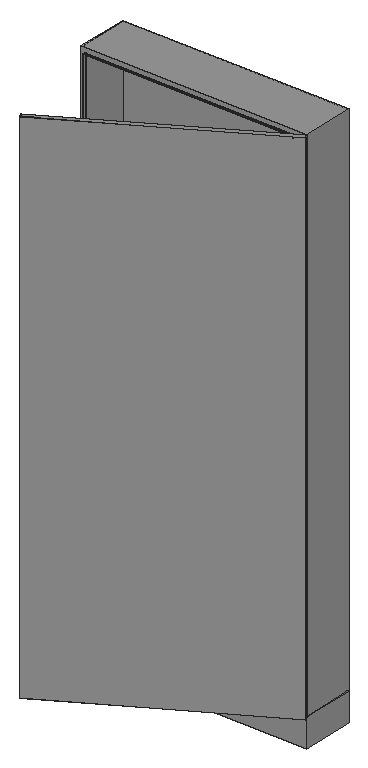
Revit family "Hager-Univers-IP44-D205-H1950-Cl.II-Encl-NoHosted-PT-pt", category Electrical Equipment, Revit 2020
Family settings
  Panel Configuration = Two Columns, Circuits Across
  Round Connector Dimension = Use Diameter
  Part Type = Panelboard
  Work Plane-Based = Yes
  Always vertical = Yes
  Cut with Voids When Loaded = No
  Shared = No
  Room Calculation Point = No
Parameters (values of type "Instalação de piso IP44 L800 A1950 P205  - FP23SN2")
  Width Control [instance] = if([EF000008 - Largura] > Min Width, [EF000008 - Largura], Min Width)  # 800 mm
  Type Comments = [HG000003 - Gama]  # "Univers"
  Thickness Door [instance] = if([EF009171 - Espessura do material da porta/tampa] > 3 mm, 3 mm, [EF009171 - Espessura do material da porta/tampa])  # 1 mm
  Seal Frame Offset [instance] = 17 mm  # constant formula
  Plinth Visibility [instance] = [HG000027 - Altura da Plinta] > 0 mm  # yes
  Min Width [instance] = 100 mm  # constant formula
  Min Depth [instance] = (2 * [EF009170 - Espessura do material do invólucro]) + 1 mm  # 3 mm
  Min Height [instance] = 100 mm  # constant formula
  Internal Frame Depth [instance] = (Door System Depth * 0.5)  # 9 mm
  Panel Name [instance] = ""  # (empty or 0)
  Model = ""
  HG000027 - Altura da Plinta = 100 mm
  HG000026 - Instalação no chão = yes
  HG000024 - Altura da secção inferior = 600 mm
  HG000023 - Recinto de secção dupla = no
  HG000016 - Visibilidade da porta 3D [instance] = yes
  HG000015 - Visibilidade através da porta [instance] = no
  HG000014 - Porta à direita [instance] = yes
  HG000013 - Porta à esquerda [instance] = not([HG000014 - Porta à direita])  # no
  HG000012 - Ângulo de abertura de porta [instance] = 30.00°
  HG000010 - Portas assimétricas = no
  HG000009 - Porta dupla = no
  HG000006 - Encastrado = no
  HG000004 - Referência do Fabricante = "FP23SN2"
  HG000003 - Gama = "Univers"
  HG000002 - Com porta ou tampa = yes
  Frame Offset Bottom [instance] = 10 mm  # constant formula
  Frame Offset [instance] = 15 mm  # constant formula
  EF015940 - Tampa com libertação de sobrepressão = no
  EF011959 - Grau de proteção (NEMA) = ""
  EF009554 - Número de aberturas para placas de flange = 6
  EF009212 - Tipo de tampa = "EV000116 - Fechado"
  EF009171 - Espessura do material da porta/tampa = 1 mm
  EF009170 - Espessura do material do invólucro = 1 mm
  EF008873 - Corrente nominal (In) = 400 A
  EF007800 - Adequado para proteção contra raios = no
  EF006306 - Com fecho = no
  EF006244 - Tampa/porta transparente = no
  EF005474 - Grau de proteção (IP) = "EV006418 - IP44"
  EF004464 - Tipo de porta = "EV002646 - Único"
  EF004427 - Número de módulos = 432
  EF004293 - Força de impacto = "EV006815 - IK09"
  EF003532 - Adequado para uso no exterior = no
  EF002950 - Largura em número de módulos = 36
  EF001613 - Integridade do circuito = "EV000494 - Nenhum"
  EF001596 - Material do corpo = "EV000179 - Aço"
  EF001131 - Profundidade interior = 143 mm
  EF001088 - Extensão possível = yes
  EF000437 - Número de entradas de condutores = 6
  EF000339 - Tipo de difusor = "EV001012 - Tampa"
  EF000266 - Número de linhas = 12
  EF000218 - Profundidade incorporada = 0 mm
  EF000118 - Com tampa de montagem = no
  EF000116 - Número RAL = "9010"
  EF000049 - Profundidade = 205 mm
  EF000040 - Altura = 1950 mm
  EF000008 - Largura = 800 mm
  EF000007 - Cor = "EV000202 - Branco"
  EF000003 - Método de montagem = "EV012274 - Instalação de piso"
  Door System Leaf Tolerance [instance] = 1.5 mm  # constant formula
  Door System Depth [instance] = 18 mm  # constant formula
  Door Height [instance] = Height Control - [HG000027 - Altura da Plinta]  # 1850 mm
  Description = ""
  Default Elevation = 1219.2 mm
  Connector Offset [instance] = Height Control / 2  # 975 mm
  Manufacturer = "Hager"  # constant formula
  Height Control [instance] = if([EF000040 - Altura] > Min Height, [EF000040 - Altura], Min Height)  # 1950 mm
  Depth Control [instance] = if([EF000049 - Profundidade] > Min Depth, [EF000049 - Profundidade], Min Depth)  # 205 mm
  Bottom Top Plate Trim [instance] = 1.5 mm  # constant formula
  Plinth height Ctrl [instance] = if([HG000027 - Altura da Plinta] > 0 mm, [HG000027 - Altura da Plinta], 12 mm)  # 100 mm
Types (5, lengths in mm): name | Width Control | HG000010 - Portas assimétricas | HG000009 - Porta dupla | HG000004 - Referência do Fabricante | EF009554 - Número de aberturas para placas de flange | EF008873 - Corrente nominal (In) | EF004464 - Tipo de porta | EF004427 - Número de módulos | EF002950 - Largura em número de módulos | EF000437 - Número de entradas de condutores | EF000008 - Largura
  Instalação de piso IP44 L1050 A1950 P205  - FP24SN2 | 1050 | no | yes | "FP24SN2" | 8 | 400 A | "EV003602 - Duplo" | 576 | 48 | 8 | 1050
  Instalação de piso IP44 L1300 A1950 P205  - FP25SN2 | 1300 | yes | yes | "FP25SN2" | 10 | 400 A | "EV003602 - Duplo" | 720 | 60 | 10 | 1300
  Instalação de piso IP44 L300 A1950 P205  - FP21SN2 | 300 | no | no | "FP21SN2" | 2 | 250 A | "EV002646 - Único" | 144 | 12 | 2 | 300
  Instalação de piso IP44 L550 A1950 P205  - FP22SN2 | 550 | no | no | "FP22SN2" | 4 | 400 A | "EV002646 - Único" | 288 | 24 | 4 | 550
  Instalação de piso IP44 L800 A1950 P205  - FP23SN2 | 800 | no | no | "FP23SN2" | 6 | 400 A | "EV002646 - Único" | 432 | 36 | 6 | 800
Reference planes
  plane 1 "Center (Front/Back)": y = 0
  plane 2: z = 0
  plane 3 "Center (Left/Right)": x = 0
  plane 4: y = 0
  plane 5: y = 0
  plane 6: z = 0
  plane 7: x = -400
  plane 8: x = 400
  plane 9: x = 399
  plane 10: x = -399
  plane 11: z = 100
  plane 12: z = 101
  plane 13: y = -205
  plane 14: y = -1
  plane 15: x = 0
  plane 16: y = -187
  plane 17: y = -204
  plane 18: y = -186
  plane 19: x = -384
  plane 20: x = 384
  plane 21: z = 111
  plane 22: x = -383
  plane 23: x = 383
  plane 24: z = 100
  plane 25: z = 1950
  plane 26: z = 1950
  plane 27: z = 1934
  plane 28: z = 1949
Forms (mm)
  Extrusion 1, solid, material "Hager_Steel_RAL7035_Light_Grey", detail levels medium+fine
    sketch origin (-208.679, -4572, 100) x (-1, 0, 0) y (0, -1, 0)
      loop
        line (191.321, -4385) -> (-608.679, -4385) -> (-608.679, -4572) -> (191.321, -4572) -> (191.321, -4385)
    from 0 to 1850
  Extrusion 2, void
    sketch origin (-350.771, -205, 1219.2) x (1, 0, 0) y (0, 0, 1)
      loop
        line (-48.229, 729.8) -> (-48.229, -1118.2) -> (749.771, -1118.2) -> (749.771, 729.8) -> (-48.229, 729.8)
    from -19 to -204
  Extrusion 3, void
    sketch origin (-290.084, -187, 1219.2) x (1, 0, 0) y (0, 0, 1)
      loop
        line (-93.916, -1108.2) -> (674.084, -1108.2) -> (674.084, 714.8) -> (-93.916, 714.8) -> (-93.916, -1108.2)
    from 0 to -1
  Extrusion 4, solid, material "Hager_Steel_RAL7035_Light_Grey", visible <- "Plinth Visibility", detail levels medium+fine
    sketch origin (0, 0, 0) x (1, 0, 0) y (0, 1, 0)
      loop
        line (-400, 0) -> (-400, -187) -> (400, -187) -> (400, 0) -> (-400, 0)
    from 0 to 100 <- "Plinth height Ctrl"
  Extrusion 5, solid, material "Hager_Steel_RAL7035_Light_Grey", detail levels coarse
    sketch origin (0, 0, 0) x (1, 0, 0) y (0, 1, 0)
      loop
        line (-400, 0) -> (-400, -205) -> (400, -205) -> (400, 0) -> (-400, 0)
    from 0 to 1950 <- "Height Control"
  Sweep 6, void
    path in 3D
      loop
        line (-400, -187, 100) -> (400, -187, 100) -> (400, 0, 100) -> (-400, 0, 100) -> (-400, -187, 100)
    profile origin (-400, -93.5, 100) x (1, 0, 0) y (0, 0, 1)
      loop
        line (0, 0) -> (0, -1.5) -> (1.5, -1.5)
        arc (1.5, -1.5) -> (1.061, -0.439) -> (0, 0) r 1.5
  Extrusion 7, solid, material "Hager_Steel_RAL7035_Light_Grey", detail levels fine
    sketch origin (-400, -187, 100) x (1, 0, 0) y (0, 0, 1)
      loop
        line (16, 11) -> (784, 11) -> (784, 1834) -> (16, 1834) -> (16, 11)
      loop
        line (15, 10) -> (785, 10) -> (785, 1835) -> (15, 1835) -> (15, 10)
    from 0 to 9 <- "Internal Frame Depth"
Cuts and joins
  Extrusion 2, Extrusion 3 cuts Extrusion 1
  Sweep 6 cuts Extrusion 4
Lines and regions (mm)
  Masking region 1
    outline origin (0, 0, 0) x (1, 0, 0) y (0, 1, 0)
      loop
        line (-400, 0) -> (-400, -205) -> (400, -205) -> (400, 0) -> (-400, 0)
  Masking region 2, detail levels coarse
    outline origin (-290.084, -187, 1219.2) x (-1, 0, 0) y (0, 0, 1)
      loop
        line (-690.084, -1219.2) -> (109.916, -1219.2) -> (109.916, 730.8) -> (-690.084, 730.8) -> (-690.084, -1219.2)
  Masking region 3, detail levels coarse
    outline origin (0, 0, 0) x (0, 1, 0) y (0, 0, 1)
      loop
        line (0, 0) -> (0, 1950) -> (-205, 1950) -> (-205, 0) -> (0, 0)
  Masking region 4, visible <- "Plinth Visibility", detail levels medium+fine
    outline origin (0, 0, 0) x (0, 1, 0) y (0, 0, 1)
      loop
        line (-1.5, 100) -> (-185.5, 100)
        arc (-185.5, 100) -> (-185.939, 98.939) -> (-187, 98.5) r 1.5
        line (-187, 98.5) -> (-187, 0) -> (0, 0) -> (0, 98.5)
        arc (0, 98.5) -> (-1.061, 98.939) -> (-1.5, 100) r 1.5
  Masking region 5, detail levels medium+fine
    outline origin (0, 0, 594.038) x (0, 1, 0) y (0, 0, 1)
      loop
        line (0, -494.038) -> (0, 1355.962) -> (-187, 1355.962) -> (-187, -494.038) -> (0, -494.038)
  Masking region 6, detail levels medium+fine
    outline origin (-359.7, -187, 1211.883) x (-1, 0, 0) y (0, 0, 1)
      loop
        line (-759.7, -1111.883) -> (40.3, -1111.883) -> (40.3, 738.117) -> (-759.7, 738.117) -> (-759.7, -1111.883)
  Masking region 7, visible <- "Plinth Visibility", detail levels medium+fine
    outline origin (-320.334, -187, 1041.368) x (-1, 0, 0) y (0, 0, 1)
      loop
        line (-720.334, -1041.368) -> (79.666, -1041.368) -> (79.666, -942.868)
        arc (79.666, -942.868) -> (78.606, -942.429) -> (78.166, -941.368) r 1.5
        line (78.166, -941.368) -> (-718.834, -941.368)
        arc (-718.834, -941.368) -> (-719.273, -942.429) -> (-720.334, -942.868) r 1.5
        line (-720.334, -942.868) -> (-720.334, -1041.368)
  sketch lines
    curve 1: line (-400, 0, 100) -> (-400, -187, 100)
    curve 2: line (-400, -187, 100) -> (400, -187, 100)
    curve 3: line (400, 0, 100) -> (-400, 0, 100)
    curve 4: line (400, -187, 100) -> (400, 0, 100)
Dimensions and locks
  locked: plane 1 "Center (Front/Back)" to plane 5
  "EF009170 - Espessura do material do invólucro": plane 7 to plane 10
  "EF009170 - Espessura do material do invólucro": plane 8 to plane 9
  equal spacing: plane 7, plane 3 "Center (Left/Right)", plane 8
  "Width Control": plane 7 to plane 8
  "Depth Control": plane 4 to plane 13
  "EF009170 - Espessura do material do invólucro": plane 4 to plane 14
  "Height Control": plane 25 to level
  "HG000027 - Altura da Plinta": plane 11 to level
  "EF009170 - Espessura do material do invólucro": plane 12 to plane 11
  "EF009170 - Espessura do material do invólucro": plane 17 to plane 13
  "EF009170 - Espessura do material do invólucro": plane 18 to plane 16
  "Frame Offset Bottom": plane 21 to plane 12
  "Frame Offset": plane 10 to plane 19
  "Frame Offset": plane 9 to plane 20
  "Door System Depth": plane 16 to plane 13
  "Seal Frame Offset": plane 7 to plane 22
  "Seal Frame Offset": plane 8 to plane 23
  "EF009170 - Espessura do material do invólucro": plane 26 to plane 28
  "Frame Offset": plane 28 to plane 27
  "Connector Offset": plane 2 to connector elem
  "Bottom Top Plate Trim": profile plane to Sweep 6 sketch curve
  "Bottom Top Plate Trim": Sweep 6 sketch curve to Sweep 6 sketch curve
  "Plinth height Ctrl": Masking region 4 sketch curve to level
  "Plinth height Ctrl": Masking region 7 sketch curve to level
  "Thickness Door": Extrusion 7 sketch curve to Extrusion 7 sketch curve  (x4)
  "Bottom Top Plate Trim": radius of Sweep 6 sketch curve
  "Bottom Top Plate Trim": radius of Masking region 4 sketch curve  (x2)
  "Bottom Top Plate Trim": radius of Masking region 7 sketch curve  (x2)
  aligned and locked: Extrusion 2 sketch curve to plane 12
  aligned and locked: Extrusion 2 sketch curve to plane 9
  aligned and locked: Extrusion 2 sketch curve to plane 10
  aligned and locked: Extrusion 2 to plane 14
  aligned and locked: Extrusion 1 sketch curve to plane 4
  aligned and locked: plane 8 to Extrusion 1 sketch curve
  aligned and locked: plane 7 to Extrusion 1 sketch curve
  aligned and locked: Extrusion 2 to plane 18
  aligned and locked: Extrusion 3 sketch curve to plane 19
  aligned and locked: plane 20 to Extrusion 3 sketch curve
  aligned and locked: Extrusion 3 to Extrusion 2
  aligned and locked: Extrusion 3 sketch curve to plane 21
  aligned and locked: plane 3 "Center (Left/Right)" to nested 1
  aligned and locked: Extrusion 1 sketch curve to plane 16
  aligned and locked: Extrusion 4 sketch curve to cut or joined group of Extrusion 1, Extrusion 2, Extrusion 3
  aligned and locked: Masking region 1 sketch curve to plane 7
  aligned and locked: Masking region 1 sketch curve to plane 5
  aligned and locked: Masking region 1 sketch curve to plane 8
  aligned and locked: Masking region 2 sketch curve to level
  aligned and locked: level to Masking region 3 sketch curve
  aligned and locked: plane 1 "Center (Front/Back)" to Masking region 3 sketch curve
  aligned and locked: plane 13 to Masking region 3 sketch curve
  aligned and locked: plane 5 to Masking region 4 sketch curve
  aligned and locked: Masking region 2 sketch curve to plane 8
  aligned and locked: Masking region 2 sketch curve to plane 7
  aligned and locked: plane 7 to nested 2
  aligned and locked: nested 2 to plane 5
  aligned and locked: plane 5 to Masking region 5 sketch curve
  aligned and locked: plane 26 to Masking region 5 sketch curve
  aligned and locked: Extrusion 5 sketch curve to plane 8
  aligned and locked: Extrusion 5 sketch curve to plane 7
  aligned and locked: Extrusion 5 sketch curve to plane 5
  aligned and locked: Extrusion 3 sketch curve to plane 27
  aligned and locked: Extrusion 2 sketch curve to plane 28
  aligned and locked: Masking region 2 to plane 25
  aligned and locked: Extrusion 4 to plane 16
  aligned and locked: profile plane to Sweep 6 sketch curve
  aligned and locked: Masking region 5 sketch curve to plane 24
  aligned and locked: level to Masking region 4 sketch curve
  aligned and locked: Masking region 1 to plane 13
  aligned and locked: nested 1 to plane 16
  aligned and locked: Masking region 3 to plane 25
  aligned and locked: plane 16 to Masking region 4 sketch curve
  aligned and locked: Masking region 5 sketch curve to plane 16
  aligned and locked: plane 24 to plane 11
  aligned and locked: plane 26 to plane 25
  aligned and locked: plane 26 to cut or joined group of Extrusion 1, Extrusion 2, Extrusion 3
  aligned and locked: nested 1 to plane 24
  aligned and locked: Extrusion 1 to Extrusion 3
  aligned and locked: Masking region 6 sketch curve to plane 8
  aligned and locked: Masking region 6 sketch curve to plane 24
  aligned and locked: Masking region 6 sketch curve to plane 7
  aligned and locked: Masking region 6 sketch curve to plane 26
  aligned and locked: Masking region 7 sketch curve to plane 7
  aligned and locked: level to Masking region 7 sketch curve
  aligned and locked: Masking region 7 sketch curve to plane 8
  aligned and locked: Extrusion 7 sketch curve to cut or joined group of Extrusion 1, Extrusion 2, Extrusion 3  (x4)
Automatic sketch dimensions
  plane 19 to Extrusion 3 sketch curve = 0 mm
  Extrusion 3 sketch curve to plane 20 = 0 mm
  Extrusion 3 sketch curve to plane 21 = 0 mm
  Extrusion 4 sketch curve to plane 7 = 0 mm
  Extrusion 4 sketch curve to plane 8 = 0 mm
  Extrusion 4 sketch curve to plane 16 = 0 mm
  Masking region 1 sketch curve to plane 13 = 0 mm
  Masking region 2 sketch curve to plane 25 = 0 mm
  Masking region 3 sketch curve to plane 25 = 0 mm
  Extrusion 5 sketch curve to plane 13 = 0 mm
  profile plane to Sweep 6 sketch curve = 0 mm
Nested families
  nested 1: "EC000058_Univers_Door" at (0, -187, 100), Double <- "HG000009 - Porta dupla", Transparent <- "EF006244 - Tampa/porta transparente", Angle <- "HG000012 - Ângulo de abertura de porta", Door_Right <- "HG000014 - Porta à direita", Assymetrical <- "HG000010 - Portas assimétricas", Door <- "HG000002 - Com porta ou tampa", Width_Ctrl <- "Width Control", 3d_Door <- "HG000016 - Visibilidade da porta 3D", Clearance <- "HG000015 - Visibilidade através da porta", Door_Left <- "HG000013 - Porta à esquerda", Width <- "Width Control", Door_Depth <- "Door System Depth", Leaf_Tolerance <- "Door System Leaf Tolerance", Height <- "Door Height", Lock_Visibility <- "EF006306 - Com fecho", Thickness <- "Thickness Door", type "EC000058_Univers_Door", detail levels medium+fine
    with min_wh 3 mm, Width_Ctrl 800 mm, Width 800 mm, Transparent no, Thickness 1 mm, Seal_Material Hager_Rubber, Lock_Visibility no, Lock_Material Hager_Plastic_RAL9005_Jet_Black, Leaf_Width 800 mm, Leaf_Tolerance_External_Sides 0 mm, Leaf_Tolerance 1.5 mm, Leaf_Offset 0 mm, Leaf_Height 1847 mm, Leaf_2_Width 800 mm, Leaf_2_Offset 400 mm, Leaf_1_Width 800 mm, Leaf_1_Offset 400 mm, Height_Ctrl 1850 mm, Height 1850 mm, Glass_Material Hager_Glass, Double_Clearance_Ctrl no, Double no, Door_Right_Ctrl yes, Door_Right yes, Door_Material Hager_Steel_RAL7035_Light_Grey, Door_Left_Ctrl no, Door_Left no, Door_Depth 18 mm, Door yes, Clearance_Material Hager_Clearance, Clearance_Depth 800 mm, Clearance_Ctrl no, Clearance no, Assymetrical no, Angle 30.00°, 3d_Door yes
  nested 2: "Hager_Enclosure_Symbol" at (-400, 0, 0), Height <- "Depth Control", Width <- "Width Control", type "Hager_Enclosure_Symbol"
    with Width_Ctrl 800 mm, Width 800 mm, Height_Ctrl 205 mm, Height 205 mm, A_Width_Int 13.453 mm, A_Width 161.438 mm, A_Height_Ctrl 179.375 mm, A_Height 179.375 mm
Connectors
  electrical at (0, 0, 975)
    settings: on plane 1 "Center (Front/Back)", index 1, voltage 0 V, apparent load 0 VA, apparent load phase1 0 VA, apparent load phase2 0 VA, apparent load phase3 0 VA, power factor 1, load classification "Other", number of poles 1, system type 30, power factor state 1, is connector primary yes, connector utility no, sub classification motor no, connector description ""
Definition of nested family "EC000058_Univers_Door"
  Parameters (values of type "EC000058_Univers_Door")
    min_wh [instance] = (2 * Thickness) + 1 mm  # 11 mm
    Width_Ctrl [instance] = 400 mm
    Width [instance] = 500 mm
    Transparent [instance] = yes
    Thickness [instance] = 5 mm
    Seal_Material [instance] = none
    Lock_Visibility [instance] = yes
    Lock_Material [instance] = none
    Leaf_Width [instance] = if((Width_Ctrl - 2 * Leaf_Tolerance_External_Sides) > 0 mm, (Width_Ctrl - 2 * Leaf_Tolerance_External_Sides), min_wh)  # 400 mm
    Leaf_Tolerance_External_Sides [instance] = 0 mm  # constant formula
    Leaf_Tolerance [instance] = 1.5 mm
    Leaf_Offset [instance] = 0 mm  # constant formula
    Leaf_Height [instance] = if((Height_Ctrl - 2 * Leaf_Tolerance) > 0 mm, (Height_Ctrl - 2 * Leaf_Tolerance), min_wh)  # 497 mm
    Leaf_2_Width [instance] = if(and(and(Double, Assymetrical), Door_Left), (Leaf_Width / 3) - (Leaf_Tolerance / 2), if(and(and(Double, Assymetrical), Door_Right), (Leaf_Width / 3) * 2 - (Leaf_Tolerance / 2), if(and(Double, not(Assymetrical)), (Leaf_Width / 2) - Leaf_Tolerance, Leaf_Width)))  # 400 mm
    Leaf_2_Offset [instance] = if(and(Double, Assymetrical), Leaf_2_Width / 2, if(and(Double, not(Assymetrical)), Leaf_Width / 4, Leaf_Width / 2))  # 200 mm
    Leaf_1_Width [instance] = if(and(and(Double, Assymetrical), Door_Right), (Leaf_Width / 3) - (Leaf_Tolerance / 2), if(and(and(Double, Assymetrical), Door_Left), (Width / 3) * 2 - (Leaf_Tolerance / 2), if(and(Double, not(Assymetrical)), (Leaf_Width / 2) - Leaf_Tolerance, Leaf_Width)))  # 400 mm
    Leaf_1_Offset [instance] = if(and(Double, Assymetrical), Leaf_1_Width / 2, if(and(Double, not(Assymetrical)), Leaf_Width / 4, Leaf_Width / 2))  # 200 mm
    Height_Ctrl [instance] = if(Height > min_wh, Height, min_wh)  # 500 mm
    Height [instance] = 500 mm
    Glass_Material [instance] = none
    Double_Clearance_Ctrl [instance] = and(Double, Clearance)  # no
    Double [instance] = no
    Door_Right_Ctrl [instance] = and(or(Door_Right, Double), Door)  # yes
    Door_Right [instance] = yes
    Door_Material [instance] = none
    Door_Left_Ctrl [instance] = and(or(Door_Left, Double), Door)  # no
    Door_Left [instance] = no
    Door_Depth [instance] = 30 mm
    Door [instance] = yes
    Default Elevation = 1219.2 mm
    Clearance_Material [instance] = none
    Clearance_Depth [instance] = if(Leaf_1_Width > Leaf_2_Width, Leaf_1_Width, Leaf_2_Width)  # 400 mm
    Clearance_Ctrl [instance] = and(not(Double), Clearance)  # yes
    Clearance [instance] = yes
    Assymetrical [instance] = yes
    Angle [instance] = 30.00°
    3d_Door [instance] = yes
  Reference planes
    plane 1 "Center (Front/Back)": y = 0
    plane 2 "Bottom": z = 0
    plane 3 "Center (Left/Right)": x = 0
    plane 4: z = 500
    plane 5: x = -200
    plane 6: x = 200
    plane 7: z = 500
    plane 8: x = -200
    plane 9: z = 0
    plane 10: x = 200
    plane 11: y = 0
    plane 12: z = 1.5
    plane 13: x = -600
    plane 14: y = -400
    plane 15: x = 600
    plane 16: x = 0
    plane 17: x = 0
    plane 18: x = -200
    plane 19: x = 200
    plane 20: z = 498.5
  Forms (mm)
    Extrusion 1, solid, material <- "Clearance_Material", visible <- "Double_Clearance_Ctrl"
      sketch origin (1200, 0, 0) x (1, 0, 0) y (0, 0, -1)
        loop
          line (-1800, -498.5) -> (-600, -498.5) -> (-600, 0) -> (-1800, 0) -> (-1800, -498.5)
      from 0 to -400
  Dimensions and locks
    equal spacing: plane 5, plane 3 "Center (Left/Right)", plane 6
    "Width_Ctrl": plane 5 to plane 6
    "Leaf_Offset": plane 5 to plane 8
    "Leaf_Offset": plane 6 to plane 10
    "Leaf_Offset": plane 9 to level
    "Leaf_Offset": plane 4 to plane 7
    "Height_Ctrl": plane 4 to level
    "Leaf_Tolerance": plane 12 to plane 9
    locked: plane 11 to plane 1 "Center (Front/Back)"
    "Leaf_1_Offset": plane 18 to plane 16
    "Leaf_2_Offset": plane 17 to plane 19
    "Leaf_1_Width": plane 13 to plane 8
    "Leaf_2_Width": plane 10 to plane 15
    "Clearance_Depth": plane 14 to plane 1 "Center (Front/Back)"
    "Leaf_Tolerance_External_Sides": plane 8 to plane 18
    "Leaf_Tolerance_External_Sides": plane 19 to plane 10
    "Leaf_Tolerance": plane 7 to plane 20
    aligned and locked: level to plane 2 "Bottom"
    aligned and locked: nested 1 to plane 16
    aligned and locked: nested 2 to plane 17
    aligned and locked: Extrusion 1 to plane 13
    aligned and locked: plane 15 to Extrusion 1
    aligned and locked: Extrusion 1 to plane 14
    aligned and locked: plane 12 to nested 1
    aligned and locked: nested 2 to plane 12
    aligned and locked: Extrusion 1 to plane 11
    aligned and locked: plane 20 to Extrusion 1
    aligned and locked: nested 2 to plane 11
    aligned and locked: nested 1 to plane 11
  Automatic sketch dimensions
    Extrusion 1 sketch curve to level = 0 mm
    plane 5 to Extrusion 1 sketch curve = 400 mm
    plane 6 to Extrusion 1 sketch curve = 400 mm
    Extrusion 1 sketch curve to plane 4 = 1.5 mm
  Nested families
    nested 1: "EC000058_Univers_Door_Leaf" at (0, 0, 1.5), Width <- "Leaf_1_Width", visible <- "Door_Left_Ctrl", Leaf_Height <- "Leaf_Height", Angle <- "Angle", 3d_Door <- "3d_Door", Transparent <- "Transparent", Clearance Material <- "Clearance_Material", Clearance <- "Clearance_Ctrl", Door_Material <- "Door_Material", Glass_Material <- "Glass_Material", Door_Depth <- "Door_Depth", Lock_Material <- "Lock_Material", Seal_Material <- "Seal_Material", Lock_Visibility <- "Lock_Visibility", Thickness <- "Thickness", type "EC000058_Univers_Door_Leaf"
      with Width 400 mm, Transparent_Glass_Offset 30 mm, Transparent_Ctrl yes, Transparent yes, Thickness 5 mm, Standard no, Seal_Material none, Seal_D2 8 mm, Seal_D1 1 mm, Offset_Internal_Frame 10 mm, Lock_Width 20 mm, Lock_Visibility_3d yes, Lock_Visibility yes, Lock_Thickness_3 3 mm, Lock_Thickness_2 1 mm, Lock_Thickness_1 3 mm, Lock_Radius_Offset_2 16 mm, Lock_Radius_Offset_1 15 mm, Lock_Radius_2 5 mm, Lock_Radius 6 mm, Lock_Offset 5 mm, Lock_Material none, Lock_Height 80 mm, Lock_Cover_Top_Offset_2d 17 mm, Lock_Cover_Height -65 mm, Leaf_Height 497 mm, Internal_Seal_Thickness 8 mm, Internal_Seal_Depth_2 4.5 mm, Internal_Frame_Depth 25 mm, Glass_Thickness -1 mm, Glass_Offset -2 mm, Glass_Material none, Door_Material none, Door_Depth 30 mm, Clearance Material none, Clearance yes, Angle_Ctrl 30.00°, Angle 30.00°, 3d_Door yes
    nested 2: "EC000058_Univers_Door_Leaf" at (0, 0, 1.5) x (-1, 0, 0) z (0, 0, 1), Width <- "Leaf_2_Width", visible <- "Door_Right_Ctrl", Leaf_Height <- "Leaf_Height", Angle <- "Angle", 3d_Door <- "3d_Door", Transparent <- "Transparent", Clearance Material <- "Clearance_Material", Clearance <- "Clearance_Ctrl", Door_Material <- "Door_Material", Glass_Material <- "Glass_Material", Door_Depth <- "Door_Depth", Lock_Material <- "Lock_Material", Seal_Material <- "Seal_Material", Lock_Visibility <- "Lock_Visibility", Thickness <- "Thickness", type "EC000058_Univers_Door_Leaf"
      with Width 400 mm, Transparent_Glass_Offset 30 mm, Transparent_Ctrl yes, Transparent yes, Thickness 5 mm, Standard no, Seal_Material none, Seal_D2 8 mm, Seal_D1 1 mm, Offset_Internal_Frame 10 mm, Lock_Width 20 mm, Lock_Visibility_3d yes, Lock_Visibility yes, Lock_Thickness_3 3 mm, Lock_Thickness_2 1 mm, Lock_Thickness_1 3 mm, Lock_Radius_Offset_2 16 mm, Lock_Radius_Offset_1 15 mm, Lock_Radius_2 5 mm, Lock_Radius 6 mm, Lock_Offset 5 mm, Lock_Material none, Lock_Height 80 mm, Lock_Cover_Top_Offset_2d 17 mm, Lock_Cover_Height -65 mm, Leaf_Height 497 mm, Internal_Seal_Thickness 8 mm, Internal_Seal_Depth_2 4.5 mm, Internal_Frame_Depth 25 mm, Glass_Thickness -1 mm, Glass_Offset -2 mm, Glass_Material none, Door_Material none, Door_Depth 30 mm, Clearance Material none, Clearance yes, Angle_Ctrl 30.00°, Angle 30.00°, 3d_Door yes
  Definition of nested family "EC000058_Univers_Door_Leaf"
    Parameters (values of type "EC000058_Univers_Door_Leaf")
      Width [instance] = 2000 mm
      Transparent_Glass_Offset [instance] = 30 mm
      Transparent_Ctrl [instance] = and(Transparent, [3d_Door])  # yes
      Transparent [instance] = yes
      Thickness [instance] = 5 mm
      Standard [instance] = and(not(Transparent), [3d_Door])  # no
      Seal_Material [instance] = none
      Seal_D2 [instance] = 8 mm  # constant formula
      Seal_D1 [instance] = 1 mm  # constant formula
      Offset_Internal_Frame [instance] = 10 mm  # constant formula
      Lock_Width [instance] = 20 mm  # constant formula
      Lock_Visibility_3d [instance] = and(Lock_Visibility, [3d_Door])  # yes
      Lock_Visibility [instance] = yes
      Lock_Thickness_3 [instance] = 3 mm  # constant formula
      Lock_Thickness_2 [instance] = 1 mm  # constant formula
      Lock_Thickness_1 [instance] = 3 mm  # constant formula
      Lock_Radius_Offset_2 [instance] = Lock_Radius_Offset_1 + 1 mm  # 16 mm
      Lock_Radius_Offset_1 [instance] = 15 mm  # constant formula
      Lock_Radius_2 [instance] = Lock_Radius - 1 mm  # 5 mm
      Lock_Radius [instance] = 6 mm  # constant formula
      Lock_Offset [instance] = 5 mm  # constant formula
      Lock_Material [instance] = none
      Lock_Height [instance] = 80 mm  # constant formula
      Lock_Cover_Top_Offset_2d [instance] = Lock_Radius_Offset_2 + 1 mm  # 17 mm
      Lock_Cover_Height [instance] = -(Lock_Height - Lock_Radius_Offset_1)  # -65 mm
      Leaf_Height [instance] = 2720.336 mm
      Internal_Seal_Thickness [instance] = 8 mm  # constant formula
      Internal_Seal_Depth_2 [instance] = 4.5 mm  # constant formula
      Internal_Frame_Depth [instance] = if(Door_Depth - Thickness > 5 mm, Door_Depth - Thickness, 5 mm)  # 25 mm
      Glass_Thickness [instance] = if(Thickness > 15 mm, Glass_Offset + 10 mm, -1 mm)  # -1 mm
      Glass_Offset [instance] = if(Thickness > 15 mm, -(Thickness + 10 mm) / 2, -2 mm)  # -2 mm
      Glass_Material [instance] = none
      Door_Material [instance] = none
      Door_Depth [instance] = 30 mm
      Default Elevation = 0 mm
      Clearance Material [instance] = none
      Clearance [instance] = yes
      Angle_Ctrl [instance] = if(Angle > 180.00°, 180.00°, Angle)  # 90.00°
      Angle [instance] = 90.00°
      3d_Door [instance] = yes
    Reference planes
      plane 1 "Center (Front/Back)": y = 0
      plane 2: z = 0
      plane 3 "Center (Left/Right)": x = 0
      plane 4: y = 2000
      plane 5: x = -1000
      plane 6: x = 1000
      plane 7: x = -3000
      plane 8: z = 2720.336
      plane 9: z = 30
      plane 10: z = 2690.336
      plane 11: x = 970
      plane 12: x = -970
      plane 13: y = -3
      plane 14: z = 107.833
      plane 15: y = -5
      plane 16: y = -223.314
      plane 17: x = -1000
      plane 18: z = 1360.168
      plane 19: y = 30
    Forms (mm)
      Extrusion 1, solid, material <- "Clearance Material", visible <- "Clearance"
        sketch origin (0, 0, 0) x (1, 0, 0) y (0, 0, 1)
          loop
            line (-3000, 2720.336) -> (-3000, 0) -> (1000, 0) -> (1000, 2720.336) -> (-3000, 2720.336)
        from 0 to -2000
      Extrusion 2, solid, material <- "Door_Material", visible <- "Standard", detail levels medium+fine
        sketch origin (-1000, 0, 0) x (0, 1, 0) y (-1, 0, 0)
          loop
            line (0, 30) -> (0, 25) -> (2000, 25) -> (2000, 30) -> (0, 30)
        from 0 to 2720.336 <- "Leaf_Height"
      Extrusion 3, solid, material <- "Door_Material", visible <- "Transparent_Ctrl", detail levels medium+fine
        sketch origin (-1000, 0, 0) x (0, 1, 0) y (-1, 0, 0)
          loop
            line (0, 25) -> (2000, 25) -> (2000, 30) -> (0, 30) -> (0, 25)
        from 0 to 2720.336 <- "Leaf_Height"
      Extrusion 4, void
        sketch origin (-1025, 2000, 0) x (0, 1, 0) y (0, 0, -1)
          loop
            line (-30, -2690.336) -> (-30, -30) -> (-1970, -30) -> (-1970, -2690.336) -> (-30, -2690.336)
        from 0 to 5 <- "Thickness"
      Sweep 5, solid, material <- "Seal_Material", visible <- "Transparent_Ctrl", detail levels fine
        path in 3D
          loop
            line (-1025, 30, 30) -> (-1025, 30, 2690.336) -> (-1025, 1970, 2690.336) -> (-1025, 1970, 30) -> (-1025, 30, 30)
        profile origin (-1025, 1000, 30) x (1, 0, 0) y (0, 0, 1)
          loop
            line (0, 0) -> (0, -8) -> (1, -8) -> (1, 0) -> (0, 0)
      Extrusion 6, solid, material <- "Glass_Material", visible <- "Transparent_Ctrl", detail levels medium+fine
        sketch origin (-1030, 0, 0) x (0, 1, 0) y (0, 0, -1)
          loop
            line (1970, -2690.336) -> (1970, -30) -> (30, -30) -> (30, -2690.336) -> (1970, -2690.336)
        from -2 <- "Glass_Offset" to -1 <- "Glass_Thickness"
      Extrusion 7, solid, material <- "Door_Material", visible <- "3d_Door", detail levels medium+fine
        sketch origin (-1025, 2000, 0) x (0, -1, 0) y (0, 0, -1)
          loop
            line (0, -2720.336) -> (2000, -2720.336) -> (2000, 0) -> (0, 0) -> (0, -2720.336)
          loop
            line (1995, -5) -> (5, -5) -> (5, -2715.336) -> (1995, -2715.336) -> (1995, -5)
        from 0 to 25 <- "Internal_Frame_Depth"
      Sweep 8, solid, material <- "Seal_Material", visible <- "Transparent_Ctrl", detail levels fine
        path in 3D
          loop
            line (-1025, 0, 0) -> (-1025, 2000, 0) -> (-1025, 2000, 2720.336) -> (-1025, 0, 2720.336) -> (-1025, 0, 0)
        profile origin (-1025, 0, 1360.168) x (1, 0, 0) y (0, 1, 0)
          loop
            line (0, 10) -> (2.975, 10)
            arc (2.975, 10) -> (4.053, 10.447) -> (4.5, 11.525) r 1.525
            line (4.5, 11.525) -> (4.5, 16.527)
            arc (4.5, 16.527) -> (4.069, 17.569) -> (3.027, 18) r 1.473
            line (3.027, 18) -> (0, 18) -> (0, 10)
      Extrusion 9, solid, material <- "Lock_Material", visible <- "Lock_Visibility_3d", detail levels fine
        sketch origin (-1030, 0, 0) x (0, 1, 0) y (0, 0, -1)
          loop
            arc (1993.5, -1400.168) -> (1994.561, -1399.729) -> (1995, -1398.668) r 1.5
            line (1995, -1398.668) -> (1995, -1320.168) -> (1975, -1320.168) -> (1975, -1398.668)
            arc (1975, -1398.668) -> (1975.439, -1399.729) -> (1976.5, -1400.168) r 1.5
            line (1976.5, -1400.168) -> (1993.5, -1400.168)
        from 3 <- "Lock_Thickness_1" to 0
      Blend 10, solid, material <- "Lock_Material", visible <- "Lock_Visibility_3d", detail levels fine
        base sketch origin (-1033, 0, 0) x (0, 1, 0) y (0, 0, -1)
          loop
            line (1975, -1320.168) -> (1975, -1398.668)
            arc (1975, -1398.668) -> (1975.439, -1399.729) -> (1976.5, -1400.168) r 1.5
            line (1976.5, -1400.168) -> (1993.5, -1400.168)
            arc (1993.5, -1400.168) -> (1994.561, -1399.729) -> (1995, -1398.668) r 1.5
            line (1995, -1398.668) -> (1995, -1320.168) -> (1975, -1320.168)
        top sketch origin (-1033, 0, 0) x (0, 1, 0) y (0, 0, -1)
          loop
            line (1976, -1320.168) -> (1976, -1398.668)
            arc (1976, -1398.668) -> (1976.146, -1399.022) -> (1976.5, -1399.168) r 0.5
            line (1976.5, -1399.168) -> (1993.5, -1399.168)
            arc (1993.5, -1399.168) -> (1993.854, -1399.022) -> (1994, -1398.668) r 0.5
            line (1994, -1398.668) -> (1994, -1320.168) -> (1976, -1320.168)
        from 0 to 1 <- "Lock_Thickness_2"
      Blend 11, solid, material <- "Lock_Material", visible <- "Lock_Visibility_3d", detail levels fine
        base sketch origin (-1034, 0, 0) x (0, 1, 0) y (0, 0, -1)
          loop
            line (1978, -1320.168) -> (1978, -1384.168)
            arc (1978, -1384.168) -> (1985, -1391.168) -> (1992, -1384.168) r 7
            line (1992, -1384.168) -> (1992, -1320.168) -> (1978, -1320.168)
        top sketch origin (-1034, 0, 0) x (0, 1, 0) y (0, 0, -1)
          loop
            line (1991, -1320.168) -> (1979, -1320.168) -> (1979, -1383.168)
            arc (1979, -1383.168) -> (1985, -1389.168) -> (1991, -1383.168) r 6
            line (1991, -1383.168) -> (1991, -1320.168)
        from 0 to 3 <- "Lock_Thickness_3"
      Extrusion 12, solid, material <- "Lock_Material", visible <- "Lock_Visibility_3d", detail levels fine
        sketch origin (-1030, 1975, 1320.168) x (1, 0, 0) y (0, -1, 0)
          loop
            line (-7, -19) -> (-7, -1) -> (0, -1) -> (0, 0) -> (-8, 0) -> (-8, -20) -> (0, -20) -> (0, -19) -> (-7, -19)
        from 0 to -65 <- "Lock_Cover_Height"
      Extrusion 13, void
        sketch origin (-1038, 1995, 1320.168) x (-1, 0, 0) y (0, 0, -1)
          loop
            line (-5, -65) -> (0, -65) -> (-5, -60) -> (-5, -65)
        from 0 to 20 <- "Lock_Width"
      Extrusion 14, void
        sketch origin (-1038, 1975, 1320.168) x (0, -1, 0) y (0, 0, -1)
          loop
            circle (-10, -15.995) r 6
          loop
            circle (-10, -15.995) r 5
        from 0 to 2
      Extrusion 15, solid, material <- "Lock_Material", visible <- "Lock_Visibility_3d", detail levels medium
        sketch origin (-1030, 0, 0) x (0, 1, 0) y (0, 0, -1)
          loop
            arc (1993.5, -1400.168) -> (1994.561, -1399.729) -> (1995, -1398.668) r 1.5
            line (1995, -1398.668) -> (1995, -1320.168) -> (1975, -1320.168) -> (1975, -1398.668)
            arc (1975, -1398.668) -> (1975.439, -1399.729) -> (1976.5, -1400.168) r 1.5
            line (1976.5, -1400.168) -> (1993.5, -1400.168)
        from 8 to 0
    Cuts and joins
      Extrusion 4 cuts Extrusion 3
      Extrusion 13, Extrusion 14 cuts Extrusion 9
      Extrusion 14 cuts Blend 11
      Extrusion 13, Extrusion 14 cuts Extrusion 12
      joined: Extrusion 9, Blend 10, Blend 11, Extrusion 12
      Extrusion 14 cuts Extrusion 15
    Lines and regions (mm)
      Masking region 1, visible <- "Lock_Visibility", detail levels fine
        outline origin (0, 0, 0) x (0, 1, 0) y (0, 0, 1)
          loop
            line (30, 1320.168) -> (33, 1320.168) -> (33, 1400.168) -> (30, 1400.168) -> (30, 1320.168)
      Masking region 2, visible <- "Lock_Visibility", detail levels fine
        outline origin (0, 3.143, 0) x (0, 1, 0) y (0, 0, 1)
          loop
            line (29.857, 1354.168) -> (30.857, 1354.168) -> (30.857, 1366.168) -> (29.857, 1366.168) -> (29.857, 1354.168)
      Masking region 3, detail levels medium+fine
        outline origin (0, 0, 0) x (0, 1, 0) y (0, 0, 1)
          loop
            line (0, 0) -> (30, 0) -> (30, 2720.336) -> (0, 2720.336) -> (0, 0)
      Masking region 4, detail levels medium+fine
        outline origin (0, 0, 0) x (1, 0, 0) y (0, 0, 1)
          loop
            line (-1000, 2720.336) -> (-1000, 0) -> (1000, 0) -> (1000, 2720.336) -> (-1000, 2720.336)
      Masking region 5, visible <- "Lock_Visibility", detail levels fine
        outline origin (-47.116, 0, 0) x (1, 0, 0) y (0, 0, 1)
          loop
            arc (1024.616, 1399.168) -> (1023.556, 1398.729) -> (1023.116, 1397.668) r 1.5
            line (1023.116, 1397.668) -> (1023.116, 1320.168) -> (1041.116, 1320.168) -> (1041.116, 1397.668)
            arc (1041.116, 1397.668) -> (1040.677, 1398.729) -> (1039.616, 1399.168) r 1.5
            line (1039.616, 1399.168) -> (1024.616, 1399.168)
      Masking region 6, visible <- "Lock_Visibility", detail levels medium+fine
        outline origin (-25, 0, 0) x (1, 0, 0) y (0, 0, 1)
          loop
            arc (1001.5, 1400.168) -> (1000.439, 1399.729) -> (1000, 1398.668) r 1.5
            line (1000, 1398.668) -> (1000, 1320.168) -> (1020, 1320.168) -> (1020, 1398.668)
            arc (1020, 1398.668) -> (1019.561, 1399.729) -> (1018.5, 1400.168) r 1.5
            line (1018.5, 1400.168) -> (1001.5, 1400.168)
      Masking region 7, visible <- "Lock_Visibility", detail levels fine
        outline origin (-73.735, 0, 0) x (1, 0, 0) y (0, 0, 1)
          loop
            line (1051.735, 1382.168) -> (1065.735, 1382.168) -> (1065.735, 1384.168)
            arc (1065.735, 1384.168) -> (1058.735, 1391.168) -> (1051.735, 1384.168) r 7
            line (1051.735, 1384.168) -> (1051.735, 1382.168)
      Masking region 8, visible <- "Lock_Visibility", detail levels fine
        outline origin (-73.735, 0, 0) x (1, 0, 0) y (0, 0, 1)
          loop
            line (1052.735, 1382.168) -> (1064.735, 1382.168) -> (1064.735, 1383.168)
            arc (1064.735, 1383.168) -> (1058.735, 1389.168) -> (1052.735, 1383.168) r 6
            line (1052.735, 1383.168) -> (1052.735, 1382.168)
      Masking region 9, visible <- "Lock_Visibility", detail levels fine
        outline origin (-25, 0, 0) x (1, 0, 0) y (0, 0, 1)
          loop
            line (1020, 1320.168) -> (1020, 1382.168) -> (1000, 1382.168) -> (1000, 1320.168) -> (1020, 1320.168)
      Masking region 10, detail levels medium+fine
        outline origin (0, 0, 0) x (1, 0, 0) y (0, 0, 1)
          loop
            circle (985, 1335.144) r 6
      Masking region 11, detail levels fine
        outline origin (0, 0, 0) x (1, 0, 0) y (0, 0, 1)
          loop
            circle (985, 1335.144) r 5
      Masking region 12, visible <- "Lock_Visibility", detail levels fine
        outline origin (0, 12.767, 0) x (0, 1, 0) y (0, 0, 1)
          loop
            line (20.233, 1320.168) -> (21.233, 1320.168) -> (21.233, 1399.168) -> (20.233, 1400.168) -> (20.233, 1320.168)
      Masking region 13, visible <- "Lock_Visibility", detail levels fine
        outline origin (0, 13.767, -10) x (0, 1, 0) y (0, 0, 1)
          loop
            line (20.233, 1330.168) -> (23.233, 1330.168) -> (23.233, 1399.168) -> (20.233, 1402.168) -> (20.233, 1330.168)
      Masking region 14, visible <- "Lock_Visibility", detail levels fine
        outline origin (0, 12.767, -10) x (0, 1, 0) y (0, 0, 1)
          loop
            line (20.233, 1330.168) -> (25.233, 1330.168) -> (25.233, 1399.305) -> (20.233, 1394.305) -> (20.233, 1330.168)
      Masking region 15, visible <- "Lock_Visibility", detail levels medium
        outline origin (0, 0, 0) x (0, 1, 0) y (0, 0, 1)
          loop
            line (30, 1320.168) -> (38, 1320.168) -> (38, 1400.168) -> (30, 1400.168) -> (30, 1320.168)
      Masking region 16, visible <- "Lock_Visibility", detail levels fine
        outline origin (-1000, 0, 0) x (0, 1, 0) y (-1, 0, 0)
          loop
            line (1975, 30) -> (1995, 30) -> (1995, 38) -> (1975, 38) -> (1975, 30)
          loop
            line (1979, 37) -> (1976, 37) -> (1976, 34) -> (1978, 34) -> (1979, 37)
          loop
            line (1994, 37) -> (1991, 37) -> (1992, 34) -> (1994, 34) -> (1994, 37)
      Masking region 17, visible <- "Lock_Visibility", detail levels medium
        outline origin (-1000, 0, 0) x (0, 1, 0) y (-1, 0, 0)
          loop
            line (1975, 30) -> (1995, 30) -> (1995, 38) -> (1975, 38) -> (1975, 30)
      symbolic lines
        curve 1: line (1000, 0, 0) -> (-3000, 0, 0)
        curve 2: arc (1000, 0, 0) -> (-1000, 2000, 0) -> (-3000, 0, 0) r 2000
        curve 4: line (-1030, 0, 0) -> (-1030, 2000, 0)
      reference lines
        curve 3: line (-1000, 0, 0) -> (-1000, 2000, 0)
      symbolic lines, detail levels medium+fine
        curve 5: line (-1030, 2000, 0) -> (-1025, 2000, 0)
        curve 7: line (-1025, 0, 0) -> (-1030, 0, 0)
        curve 8: line (-1025, 0, 0) -> (-1000, 0, 0)
        curve 9: line (-1000, 0, 0) -> (-1000, 2000, 0)
        curve 10: line (-1000, 2000, 0) -> (-1025, 2000, 0)
      symbolic lines, detail levels fine
        curve 6: line (-1025, 2000, 0) -> (-1025, 0, 0)
      sketch lines
        curve 11: line (-1025, 0, 2720.336) -> (-1025, 0, 0)
        curve 12: line (-1025, 2000, 0) -> (-1025, 0, 0)
        curve 13: line (-1025, 2000, 2720.336) -> (-1025, 2000, 0)
        curve 14: line (-1025, 0, 2720.336) -> (-1025, 2000, 2720.336)
        curve 15: line (-1025, 1970, 30) -> (-1025, 30, 30)
        curve 16: line (-1025, 30, 30) -> (-1025, 30, 2690.336)
        curve 17: line (-1025, 1970, 2690.336) -> (-1025, 1970, 30)
        curve 18: line (-1025, 30, 2690.336) -> (-1025, 1970, 2690.336)
      symbolic lines, visible <- "Transparent", detail levels medium+fine
        curve 19: line (-970, 0, 2690.336) -> (970, 0, 2690.336)
        curve 20: line (-970, 0, 30) -> (-970, 0, 2690.336)
        curve 21: line (970, 0, 30) -> (-970, 0, 30)
        curve 22: line (970, 0, 2690.336) -> (970, 0, 30)
    Dimensions and locks
      "Width": plane 1 "Center (Front/Back)" to plane 4
      equal spacing: plane 5, plane 3 "Center (Left/Right)", plane 6
      "Width": plane 5 to plane 6
      "Width": plane 7 to plane 5
      "Leaf_Height": plane 8 to level
      "Width": curve 5 to curve 3
      "Width": curve 3 to curve 3
      plane 8 to plane 10 = 30 mm
      plane 9 to level = 30 mm
      plane 12 to plane 5 = 30 mm
      plane 6 to plane 11 = 30 mm
      Extrusion 1 to Extrusion 4 sketch curve = 30 mm
      "Transparent_Glass_Offset": curve 3 to Extrusion 4 sketch curve
      "Transparent_Glass_Offset": Extrusion 4 sketch curve to cut or joined group of Extrusion 3, Extrusion 4  (x2)
      cut or joined group of Extrusion 3, Extrusion 4 to Extrusion 6 sketch curve = 30 mm
      "Transparent_Glass_Offset": cut or joined group of Extrusion 3, Extrusion 4 to Extrusion 4 sketch curve
      "Thickness": curve 6 to curve 4
      "Thickness": Extrusion 7 sketch curve to Extrusion 7 sketch curve  (x4)
      "Door_Depth": curve 4 to curve 3
      "Offset_Internal_Frame": profile plane to Sweep 8 sketch curve
      "Internal_Seal_Thickness": Sweep 8 sketch curve to Sweep 8 sketch curve
      "Internal_Seal_Depth_2": profile plane to Sweep 8 sketch curve
      "Seal_D1": profile plane to Sweep 5 sketch curve
      "Seal_D2": profile plane to Sweep 5 sketch curve
      "Thickness": Extrusion 2 sketch curve to Extrusion 2 sketch curve
      equal spacing: Extrusion 9 sketch curve, plane 18, Extrusion 9 sketch curve  (x2)
      equal spacing: Masking region 1 sketch curve, plane 18, Masking region 1 sketch curve
      "Lock_Height": Masking region 1 sketch curve to Masking region 1 sketch curve
      "Lock_Radius": Masking region 2 sketch curve to plane 18 to Masking region 2 sketch curve
      Masking region 2 sketch curve to Masking region 1 = 1 mm
      "Door_Depth": plane 19 to plane 1 "Center (Front/Back)"
      "Lock_Thickness_1": Masking region 1 sketch curve to plane 19
      "Lock_Width": Extrusion 9 sketch curve to Extrusion 9 sketch curve
      "Lock_Height": Extrusion 9 sketch curve to Extrusion 9 sketch curve
      "Lock_Offset": cut or joined group of Extrusion 3, Extrusion 4 to Extrusion 9 sketch curve
      equal spacing: plane 8, plane 18, level
      "Lock_Radius_Offset_1": Blend 11 sketch curve to Blend 10
      locked: Blend 10 to Blend 11 sketch curve at 2  (x2)
      locked: var sketch to Blend 11 sketch curve at 1  (x2)
      "Lock_Radius_Offset_2": Blend 11 sketch curve to Blend 10
      locked: Extrusion 12 sketch curve to Extrusion 12 sketch curve at 1  (x3)
      Masking region 6 sketch curve to Masking region 6 sketch curve = 80 mm
      "Lock_Height": Masking region 6 sketch curve to Masking region 6 sketch curve
      "Lock_Width": Masking region 6 sketch curve to Masking region 6 sketch curve
      locked: Masking region 6 to Masking region 5 sketch curve at 1  (x3)
      locked: Masking region 5 to Masking region 7 sketch curve at 2  (x2)
      "Lock_Radius_Offset_1": Masking region 5 to Masking region 7 sketch curve
      "Lock_Radius_Offset_2": Masking region 5 to Masking region 8 sketch curve
      locked: Masking region 7 to Masking region 8 sketch curve at 1  (x2)
      "Lock_Cover_Top_Offset_2d": Masking region 5 to Masking region 9 sketch curve
      equal spacing: Masking region 9, Masking region 10 sketch curve, Masking region 9
      equal spacing: Masking region 9, Masking region 11 sketch curve, Masking region 9
      Extrusion 15 sketch curve to Extrusion 15 sketch curve = 80 mm
      "Lock_Width": Extrusion 15 sketch curve to Extrusion 15 sketch curve
      "Lock_Height": Extrusion 15 sketch curve to Extrusion 15 sketch curve
      equal spacing: Extrusion 15 sketch curve, plane 18, Extrusion 15 sketch curve
      "Lock_Thickness_3": Masking region 13 sketch curve to Masking region 13 sketch curve
      "Lock_Height": Masking region 12 sketch curve to Masking region 12 sketch curve
      locked: Masking region 13 sketch curve to Masking region 1 at 8
      locked: Masking region 14 sketch curve to Masking region 13 at 1
      locked: Masking region 14 sketch curve to Masking region 1 at 10.863
      "Lock_Height": Masking region 15 sketch curve to Masking region 15 sketch curve
      "Lock_Offset": Extrusion 15 sketch curve to cut or joined group of Extrusion 3, Extrusion 4
      "Lock_Offset": plane 6 to Masking region 6 sketch curve
      radius of Sweep 8 sketch curve = 1.525 mm
      radius of Sweep 8 sketch curve = 1.473 mm
      radius of Extrusion 9 sketch curve = 1.5 mm  (x2)
      "Lock_Radius": radius of Extrusion 14 sketch curve
      "Lock_Radius_2": radius of Extrusion 14 sketch curve
      "Lock_Radius": radius of Masking region 10 sketch curve
      "Lock_Radius_2": radius of Masking region 11 sketch curve
      radius of Extrusion 15 sketch curve = 1.5 mm  (x2)
      "Angle_Ctrl": angle plane 1 "Center (Front/Back)" to curve 3
      locked: Masking region 12 sketch curve to Masking region 12 sketch curve (angle 45.00°)
      locked: Masking region 13 sketch curve to Masking region 13 sketch curve (angle 45.00°)
      locked: Masking region 14 sketch curve to Masking region 14 sketch curve (angle 45.00°)
      aligned and locked: level to plane 2
      aligned and locked: Extrusion 1 to curve 1
      aligned and locked: plane 6 to Extrusion 1
      aligned and locked: Extrusion 1 to plane 1 "Center (Front/Back)"
      aligned and locked: plane 4 to Extrusion 1
      aligned and locked: plane 8 to Extrusion 1
      aligned and locked: curve 7 to Extrusion 2 sketch curve
      aligned and locked: curve 5 to Extrusion 2 sketch curve
      aligned and locked: curve 7 to Extrusion 3 sketch curve
      aligned and locked: Extrusion 3 sketch curve to curve 4
      aligned and locked: Extrusion 3 sketch curve to curve 6
      aligned and locked: Extrusion 3 sketch curve to curve 5
      aligned and locked: curve 9 to curve 3
      aligned and locked: Extrusion 7 sketch curve to cut or joined group of Extrusion 3, Extrusion 4  (x4)
      aligned and locked: plane 17 to curve 3
      aligned and locked: plane 1 "Center (Front/Back)" to curve 3
      aligned and locked: plane 17 to plane 5
      aligned and locked: Sweep 8 sketch curve to profile plane
      aligned and locked: Sweep 5 sketch curve to profile plane  (x2)
      aligned and locked: Masking region 1 to Masking region 2 sketch curve
      aligned and locked: plane 19 to Masking region 1 sketch curve
      aligned and locked: plane 1 "Center (Front/Back)" to Masking region 3 sketch curve
      aligned and locked: plane 19 to Masking region 3 sketch curve
      aligned and locked: level to Masking region 3 sketch curve
      aligned and locked: Masking region 3 sketch curve to plane 8
      aligned and locked: plane 17 to Masking region 4 sketch curve
      aligned and locked: level to Masking region 4 sketch curve
      aligned and locked: Masking region 4 sketch curve to plane 8
      aligned and locked: plane 12 to curve 20
      aligned and locked: plane 10 to curve 19
      aligned and locked: plane 11 to curve 22
      aligned and locked: curve 21 to plane 9
      aligned and locked: Extrusion 2 sketch curve to cut or joined group of Extrusion 3, Extrusion 4
      aligned and locked: Blend 10 sketch curve to Extrusion 9  (x4)
      aligned and locked: Extrusion 9 to Blend 10 sketch curve
      aligned and locked: Blend 10 to Blend 11 sketch curve
      aligned and locked: Extrusion 12 sketch curve to Blend 11
      aligned and locked: Extrusion 12 sketch curve to Extrusion 9  (x4)
      aligned and locked: Masking region 5 sketch curve to Masking region 6
      aligned and locked: Masking region 9 sketch curve to Masking region 6  (x3)
      aligned and locked: Masking region 12 sketch curve to Masking region 1
      aligned and locked: Masking region 13 sketch curve to Masking region 1
      aligned and locked: Masking region 12 to Masking region 14
      aligned and locked: Masking region 14 sketch curve to Masking region 1
      aligned and locked: Masking region 15 sketch curve to Masking region 14
      aligned and locked: Masking region 13 sketch curve to Masking region 12
      aligned and locked: Masking region 16 sketch curve to cut or joined group of Extrusion 14, Extrusion 15  (x4)
      aligned and locked: Masking region 16 sketch curve to cut or joined group of Extrusion 9, Blend 10, Blend 11, Extrusion 12, Extrusion 13, Extrusion 14  (x6)
      aligned and locked: cut or joined group of Extrusion 9, Blend 10, Blend 11, Extrusion 12, Extrusion 13, Extrusion 14 to Masking region 16 sketch curve
      aligned and locked: Masking region 17 sketch curve to cut or joined group of Extrusion 14, Extrusion 15  (x3)
      aligned and locked: Masking region 17 sketch curve to cut or joined group of Extrusion 9, Blend 10, Blend 11, Extrusion 12, Extrusion 13, Extrusion 14
      aligned and locked: Masking region 9 to Masking region 8 sketch curve
      aligned and locked: Masking region 9 to Masking region 7 sketch curve
    Automatic sketch dimensions
      plane 1 "Center (Front/Back)" to curve 2 = 0 mm
      curve 2 to plane 5 = 0 mm
      Extrusion 1 sketch curve to level = 0 mm
      Extrusion 1 sketch curve to plane 7 = 0 mm
      Extrusion 1 sketch curve to plane 6 = 0 mm
      Extrusion 1 sketch curve to plane 8 = 0 mm
      Extrusion 3 to Extrusion 6 sketch curve = 30 mm  (x4)
      Masking region 4 sketch curve to plane 6 = 0 mm
      Blend 10 sketch curve to Extrusion 9 = 1.5 mm
      Blend 10 sketch curve to Extrusion 9 = 1 mm
      Extrusion 13 sketch curve to Extrusion 12 = 0 mm  (x2)
      Extrusion 12 to Extrusion 13 sketch curve = 3 mm
      Extrusion 13 sketch curve to Extrusion 12 = 5 mm
      Extrusion 14 sketch curve to Extrusion 14 sketch curve = 0 mm  (x2)
      Extrusion 14 sketch curve to Extrusion 12 = 10 mm
      Extrusion 14 sketch curve to Extrusion 12 = 15.995 mm
      Masking region 5 sketch curve to Masking region 5 sketch curve = 1.5 mm  (x2)
      Masking region 10 sketch curve to plane 18 = 25.024 mm
      Masking region 11 sketch curve to plane 18 = 25.024 mm
      plane 19 to Masking region 14 sketch curve = 3 mm
      Masking region 16 sketch curve to Masking region 16 sketch curve = 3 mm
      curve 4 to curve 3 = 0 mm
      Blend 10 to Blend 11 sketch curve = 0 mm
      Masking region 6 sketch curve to Masking region 6 sketch curve = 1.5 mm  (x2)
      Masking region 6 sketch curve to plane 18 = 40 mm
      plane 19 to Masking region 12 sketch curve = 3 mm
      Masking region 12 sketch curve to Masking region 12 sketch curve = 1 mm
      Masking region 15 sketch curve to plane 19 = 0 mm
      Masking region 15 sketch curve to plane 18 = 40 mm
      radius of Blend 10 sketch curve to Extrusion 9 = 1 mm
Definition of nested family "Hager_Enclosure_Symbol"
  Parameters (values of type "Hager_Enclosure_Symbol")
    Width_Ctrl [instance] = if(Width > 1 mm, Width, 1 mm)  # 102.27 mm
    Width [instance] = 102.27 mm
    Height_Ctrl [instance] = if(Height > 1 mm, Height, 1 mm)  # 66.5 mm
    A_Width_Int [instance] = if(A_Width / 12 > 2 mm, A_Width / 12, 2 mm)  # 4.364 mm
    A_Width [instance] = if(A_Height_Ctrl * 0.9 > 2 mm, A_Height_Ctrl * 0.9, 2 mm)  # 52.369 mm
    A_Height_Ctrl [instance] = if(A_Height > 2 mm, A_Height, 2 mm)  # 58.188 mm
    Height [instance] = 66.5 mm
    A_Height [instance] = Height - (Height / 8)  # 58.188 mm
  Reference planes
    plane 1 "Centre (avant/arrière)": y = 0
    plane 2: z = 0
    plane 3 "Centre (gauche/droite)": x = 0
    plane 4: x = 52.369
    plane 5: y = 33.042
    plane 6: y = 41.77
    plane 7: y = 66.5
    plane 8: x = 26.184
    plane 9: y = 37.406
    plane 10: x = 102.27
    plane 11: y = 66.5
    plane 12: y = 8.313
  Lines and regions (mm)
    Filled region 1, type "Solid_Black", in view "Niveau de réf."
      outline origin (0, 0, 0) x (1, 0, 0) y (0, 1, 0)
        loop
          line (52.369, 66.5) -> (33.188, 54.536) -> (45.365, 45.006) -> (52.369, 66.5)
    Filled region 2, type "Solid_Black", in view "Niveau de réf."
      outline origin (0, 0, 0) x (1, 0, 0) y (0, 1, 0)
        loop
          line (0, 0) -> (102.27, 0) -> (102.27, 66.5) -> (0, 0)
    detail lines, in view "Niveau de réf."
      curve 1: line (0, 8.313, 0) -> (26.184, 41.77, 0)
      curve 2: line (26.184, 41.77, 0) -> (26.184, 33.042, 0)
      curve 3: line (26.184, 33.042, 0) -> (52.369, 66.5, 0)
  Dimensions and locks
    "A_Width": plane 3 "Centre (gauche/droite)" to plane 4
    equal spacing: plane 3 "Centre (gauche/droite)", plane 8, plane 4
    equal spacing: plane 6, plane 9, plane 5
    equal spacing: curve 3, Filled region 1 sketch curve, Filled region 1 sketch curve
    "Height_Ctrl": plane 1 "Centre (avant/arrière)" to plane 11
    "A_Height_Ctrl": plane 11 to plane 12
    equal spacing: plane 11, plane 9, plane 12
    "A_Width_Int": plane 6 to plane 9
    "Width_Ctrl": plane 3 "Centre (gauche/droite)" to plane 10
    angle Filled region 1 sketch curve to curve 3 = 20.00°
    angle curve 3 to Filled region 1 sketch curve = 20.00°
    locked: curve 3 to Filled region 1 sketch curve (angle 90.00°)
    aligned and locked: plane 10 to Filled region 2
    aligned and locked: plane 11 to Filled region 2 sketch curve
    aligned and locked: plane 10 to Filled region 2 sketch curve
    aligned and locked: plane 3 "Centre (gauche/droite)" to curve 1
    aligned and locked: plane 12 to curve 1
    aligned and locked: plane 7 to plane 11
  Automatic sketch dimensions
    Filled region 1 sketch curve to plane 4 = 0 mm
    Filled region 1 sketch curve to plane 7 = 0 mm
    plane 1 "Centre (avant/arrière)" to Filled region 2 sketch curve = 0 mm
    Filled region 2 sketch curve to plane 3 "Centre (gauche/droite)" = 0 mm
    curve 2 to plane 6 = 0 mm
    curve 2 to plane 8 = 0 mm
    curve 3 to plane 4 = 0 mm
    curve 2 to plane 5 = 0 mm
    curve 3 to plane 7 = 0 mm
